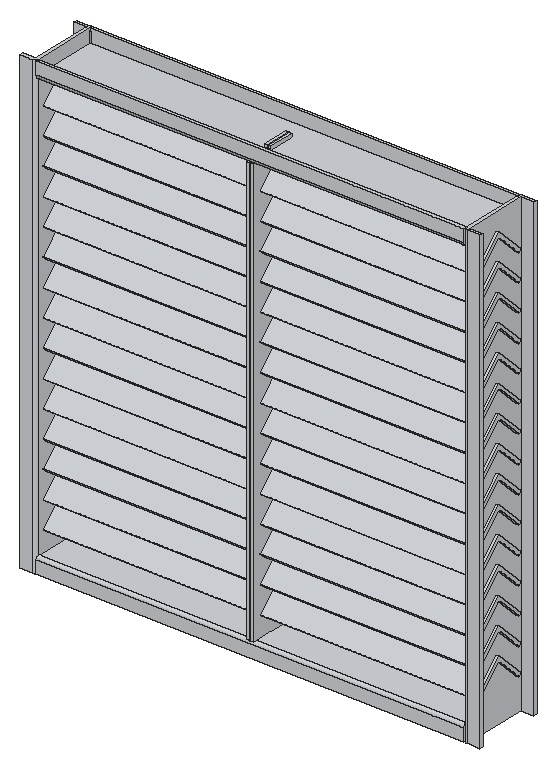
Revit family "FEMA-5", category Mechanical Equipment, Revit 2015
Parameters
  URL = "http://unitedenertech.com/catalog/pdf/A_20%20FEMA-5.pdf"
  Type Comments = "Max. Single Section Size is (84\"w x 96\"h)"
  Model = "FEMA-5"
  Manufacturer = "United Enertech Corporation"
  Keynote = "Note: Blade Braces Set to Visibility Parameters, Correct Number Will Appear when Loaded into Project."
  Exact Width = 3' - 0"
  Exact Height = 3' - 0"
  Description = "5\" Deep Aluminum FEMA Grille"
  Brace Visisbility (3) [instance] = if(Exact Width > 5' 11 115/128", 2 > 1, 1 > 2)  # no
  Brace Visibility (2) [instance] = if(and(Exact Width > 3' 11 115/128", Exact Width < 5' 11 115/128"), 2 > 1, 1 > 2)  # no
  Brace Visibility (1) [instance] = if(and(Exact Width > 1' 11 115/128", Exact Width < 3' 11 115/128"), 2 > 1, 1 > 2)  # yes
  Brace Height [instance] = Exact Height - 0' 1 1/2"  # 2' - 10 1/2"
  Blade Spacing = 0' - 2 1/8"
  Blade Number [instance] = rounddown((Exact Height - 0' 2 1/2") / 0' 2 1/8")  # 15
  BW [instance] = Exact Width - 0' 1 1/2"  # 2' - 10 1/2"
Reference planes (in)
  plane 1 "Center (Front/Back)": y = 0
  plane 2: z = 0
  plane 3 "Center (Left/Right)": x = 0
  plane 4: x = -18
  plane 5: x = 18
  plane 6: z = 36
  plane 7: x = -16.75
  plane 8: x = 16.75
  plane 9: z = 34.75
  plane 10: z = 1.25
  plane 11: z = 34.30806
  plane 12: x = -17.25
  plane 13: x = 17.25
  plane 14: z = 0.75
  plane 15: z = 35.25
Forms (in)
  Extrusion 1, solid
    sketch origin (-36.69279, -52.79486, 0) x (0, -1, 0) y (1, 0, 0)
      loop
        line (-58.04486, 19.69279) -> (-53.04486, 19.69279) -> (-53.04486, 18.69279) -> (-52.79486, 18.69279) -> (-52.79486, 19.69279)
        arc (-52.79486, 19.69279) -> (-52.86809, 19.86957) -> (-53.04486, 19.94279) r 0.25
        line (-53.04486, 19.94279) -> (-58.04486, 19.94279)
        arc (-58.04486, 19.94279) -> (-58.22164, 19.86957) -> (-58.29486, 19.69279) r 0.25
        line (-58.29486, 19.69279) -> (-58.29486, 18.69279) -> (-58.04486, 18.69279) -> (-58.04486, 19.69279)
    from 0 to 36
  Extrusion 2, solid
    sketch origin (-32.86847, -52.79486, -18.69279) x (0, -1, 0) y (0, 0, 1)
      loop
        line (-58.04486, 19.69279) -> (-53.04486, 19.69279) -> (-53.04486, 18.69279) -> (-52.79486, 18.69279) -> (-52.79486, 19.69279)
        arc (-52.79486, 19.69279) -> (-52.86809, 19.86957) -> (-53.04486, 19.94279) r 0.25
        line (-53.04486, 19.94279) -> (-58.04486, 19.94279)
        arc (-58.04486, 19.94279) -> (-58.22164, 19.86957) -> (-58.29486, 19.69279) r 0.25
        line (-58.29486, 19.69279) -> (-58.29486, 18.69279) -> (-58.04486, 18.69279) -> (-58.04486, 19.69279)
    from -49.61847 to -16.11847
  Extrusion 3, solid
    sketch origin (36.69279, -52.79486, 0) x (0, -1, 0) y (1, 0, 0)
      loop
        line (-58.04486, -19.69279) -> (-58.04486, -18.69279) -> (-58.29486, -18.69279) -> (-58.29486, -19.69279)
        arc (-58.29486, -19.69279) -> (-58.22164, -19.86957) -> (-58.04486, -19.94279) r 0.25
        line (-58.04486, -19.94279) -> (-53.04486, -19.94279)
        arc (-53.04486, -19.94279) -> (-52.86809, -19.86957) -> (-52.79486, -19.69279) r 0.25
        line (-52.79486, -19.69279) -> (-52.79486, -18.69279) -> (-53.04486, -18.69279) -> (-53.04486, -19.69279) -> (-58.04486, -19.69279)
    from 0 to 36
  Extrusion 4, solid
    sketch origin (-61.54486, -52.79486, 48.69279) x (0, -1, 0) y (0, 0, -1)
      loop
        line (-58.29486, 12.69279) -> (-58.04486, 12.69279) -> (-58.04486, 13.69279) -> (-53.04486, 13.69279) -> (-53.04486, 12.69279) -> (-52.79486, 12.69279) -> (-52.79486, 13.69279)
        arc (-52.79486, 13.69279) -> (-52.86809, 13.86957) -> (-53.04486, 13.94279) r 0.25
        line (-53.04486, 13.94279) -> (-58.04486, 13.94279)
        arc (-58.04486, 13.94279) -> (-58.22164, 13.86957) -> (-58.29486, 13.69279) r 0.25
        line (-58.29486, 13.69279) -> (-58.29486, 12.69279)
    from 44.79486 to 78.29486
Dimensions and locks (in)
  equal spacing: plane 4, plane 3 "Center (Left/Right)", plane 5
  "Exact Width": plane 4 to plane 5
  "Exact Height": plane 6 to level
  locked: plane 4 to plane 7 at 1.25
  locked: plane 8 to plane 5 at 1.25
  plane 6 to plane 9 = 0' - 1 1/4"
  plane 10 to level = 0' - 1 1/4"
  locked: plane 9 to plane 11 at 0.44194
  equal spacing: group 1, group 2, group 3, group 4, group 5, group 6, group 7, group 8, group 9, group 10, group 11, group 12, group 13, group 14, group 15  (x2)
  equal spacing: group 15, group 14, group 13, group 12, group 11, group 10, group 9, group 8, group 7, group 6, group 5, group 4, group 3, group 2, group 1
  "Blade Spacing": nested 2 to nested 1
  locked: plane 4 to plane 12 at 0.75
  locked: plane 13 to plane 5 at 0.75
  locked: level to plane 14 at 0.75
  locked: plane 15 to plane 6 at 0.75
  aligned and locked: level to plane 2
  aligned and locked: plane 8 to Extrusion 2
  aligned and locked: Extrusion 2 to plane 7
  aligned and locked: plane 6 to Extrusion 3
  aligned and locked: plane 6 to Extrusion 1
  aligned and locked: plane 6 to Extrusion 4
  aligned and locked: plane 8 to Extrusion 4
  aligned and locked: Extrusion 4 to plane 7
  aligned and locked: plane 3 "Center (Left/Right)" to nested 1
  aligned and locked: nested 1 to plane 11
  aligned and locked: plane 14 to nested 11
  aligned and locked: plane 3 "Center (Left/Right)" to nested 11
Automatic sketch dimensions
  Extrusion 1 sketch curve to plane 4 = 0' - 0"  (x2)
  plane 1 "Center (Front/Back)" to Extrusion 1 sketch curve = 0' - 0"
  Extrusion 1 sketch curve to plane 1 "Center (Front/Back)" = 0' - 0 1/4"
  Extrusion 1 sketch curve to Extrusion 1 sketch curve = 0' - 0"  (x3)
  Extrusion 1 sketch curve to plane 4 = 0' - 1 1/4"
  Extrusion 1 sketch curve to Extrusion 1 sketch curve = 0' - 5"
  Extrusion 1 sketch curve to Extrusion 1 sketch curve = 0' - 0 1/4"
  Extrusion 2 sketch curve to level = 0' - 0"  (x2)
  Extrusion 2 sketch curve to plane 1 "Center (Front/Back)" = 0' - 0"
  Extrusion 2 sketch curve to plane 1 "Center (Front/Back)" = 0' - 0 1/4"
  Extrusion 2 sketch curve to Extrusion 2 sketch curve = 0' - 0"  (x3)
  level to Extrusion 2 sketch curve = 0' - 1 1/4"
  Extrusion 2 sketch curve to Extrusion 2 sketch curve = 0' - 5"
  Extrusion 2 sketch curve to Extrusion 2 sketch curve = 0' - 0 1/4"
  Extrusion 3 sketch curve to plane 5 = 0' - 0"  (x2)
  plane 1 "Center (Front/Back)" to Extrusion 3 sketch curve = 0' - 0"
  Extrusion 3 sketch curve to Extrusion 3 sketch curve = 0' - 0 1/4"  (x2)
  Extrusion 3 sketch curve to Extrusion 3 sketch curve = 0' - 0"  (x3)
  plane 5 to Extrusion 3 sketch curve = 0' - 1 1/4"
  Extrusion 3 sketch curve to Extrusion 3 sketch curve = 0' - 5"
  level to Extrusion 4 sketch curve = 3' - 0"
  Extrusion 4 sketch curve to plane 1 "Center (Front/Back)" = 0' - 5 1/2"
  Extrusion 4 sketch curve to Extrusion 4 sketch curve = 0' - 0 1/4"  (x2)
  Extrusion 4 sketch curve to Extrusion 4 sketch curve = 0' - 0"  (x4)
  Extrusion 4 sketch curve to Extrusion 4 sketch curve = 0' - 5"
  Extrusion 4 sketch curve to Extrusion 4 sketch curve = 0' - 1"
Nested families (in)
  nested 1: "FEMURBLADE" at (0, 0.32962, 27.60095), type "FEMURBLADE"
    with Blade Width 2' - 10 1/2"
  nested 2: "FEMURBLADE" at (0, 0.32962, 25.47595), type "FEMURBLADE"
    with Blade Width 2' - 10 1/2"
  nested 3: "FEMURBLADE" at (0, 0.32962, 23.35095), type "FEMURBLADE"
    with Blade Width 2' - 10 1/2"
  nested 4: "FEMURBLADE" at (0, 0.32962, 21.22595), type "FEMURBLADE"
    with Blade Width 2' - 10 1/2"
  nested 5: "FEMURBLADE" at (0, 0.32962, 19.10095), type "FEMURBLADE"
    with Blade Width 2' - 10 1/2"
  nested 6: "FEMURBLADE" at (0, 0.32962, 16.97595), type "FEMURBLADE"
    with Blade Width 2' - 10 1/2"
  nested 7: "FEMURBLADE" at (0, 0.32962, 14.85095), type "FEMURBLADE"
    with Blade Width 2' - 10 1/2"
  nested 8: "FEMURBLADE" at (0, 0.32962, 12.72595), type "FEMURBLADE"
    with Blade Width 2' - 10 1/2"
  nested 9: "FEMURBLADE" at (0, 0.32962, 10.60095), type "FEMURBLADE"
    with Blade Width 2' - 10 1/2"
  nested 10: "FEMURBLADE" at (0, 0.32962, 8.47595), type "FEMURBLADE"
    with Blade Width 2' - 10 1/2"
  nested 11: "FEMABRACE" at (0, 5.5, 0.75), visible <- "Brace Visibility (1)", type "FEMABRACE"
    with Brace Height 2' - 10 1/2"
  nested 12: "FEMURBLADE" at (0, 0.32962, 6.35095), type "FEMURBLADE"
    with Blade Width 2' - 10 1/2"
  nested 13: "FEMURBLADE" at (0, 0.32962, 4.22595), type "FEMURBLADE"
    with Blade Width 2' - 10 1/2"
  nested 14: "FEMURBLADE" at (0, 0.32962, 2.10095), type "FEMURBLADE"
    with Blade Width 2' - 10 1/2"
  nested 15: "FEMURBLADE" at (0, 0.32962, -0.02405), type "FEMURBLADE"
    with Blade Width 2' - 10 1/2"
  nested 16: "FEMURBLADE" at (0, 0.32962, -2.14905), type "FEMURBLADE"
    with Blade Width 2' - 10 1/2"
  nested 17: "FEMABRACE" at (-12, 5.5, 0.75), visible <- "Brace Visibility (2)", type "FEMABRACE"
    with Brace Height 2' - 10 1/2"
  nested 18: "FEMABRACE" at (12, 5.5, 0.75), visible <- "Brace Visibility (2)", type "FEMABRACE"
    with Brace Height 2' - 10 1/2"
  nested 19: "FEMABRACE" at (0, 5.5, 0.75), visible <- "Brace Visisbility (3)", type "FEMABRACE"
    with Brace Height 2' - 10 1/2"
  nested 20: "FEMABRACE" at (24, 5.5, 0.75), visible <- "Brace Visisbility (3)", type "FEMABRACE"
    with Brace Height 2' - 10 1/2"
  nested 21: "FEMABRACE" at (-24, 5.5, 0.75), visible <- "Brace Visisbility (3)", type "FEMABRACE"
    with Brace Height 2' - 10 1/2"
Definition of nested family "FEMURBLADE"
  Parameters (values of type "FEMURBLADE")
    Blade Width = 1' - 0"
  Reference planes (in)
    plane 1 "Center (Front/Back)": y = 0
    plane 2: z = 0
    plane 3 "Center (Left/Right)": x = 0
    plane 4: x = -6
    plane 5: x = 6
  Forms (in)
    Extrusion 1, solid
      sketch origin (-5.80963, 2.23001, 3.57962) x (0, 1, 0) y (0, 0, 1)
        loop
          line (-1.93095, 1.44811) -> (-1.75417, 1.27133) -> (0.01359, 3.0391) -> (0.10198, 3.12749) -> (0.27876, 3.12749) -> (0.36715, 3.0391) -> (2.13491, 1.27133) -> (2.31169, 1.44811) -> (0.19037, 3.56943) -> (-1.93095, 1.44811)
      from -0.19037 to 11.80963
  Dimensions and locks (in)
    equal spacing: plane 4, plane 3 "Center (Left/Right)", plane 5
    "Blade Width": plane 4 to plane 5
    aligned and locked: level to plane 2
    aligned and locked: plane 5 to Extrusion 1
    aligned and locked: plane 4 to Extrusion 1
  Automatic sketch dimensions
    Extrusion 1 sketch curve to plane 1 "Center (Front/Back)" = 0' - 0.29906"
    Extrusion 1 sketch curve to Extrusion 1 sketch curve = 0' - 0.17678"  (x3)
    Extrusion 1 sketch curve to plane 1 "Center (Front/Back)" = 0' - 2.2436"
    Extrusion 1 sketch curve to Extrusion 1 sketch curve = 0' - 0.08839"  (x4)
    Extrusion 1 sketch curve to Extrusion 1 sketch curve = 0' - 1.76777"
    level to Extrusion 1 sketch curve = 0' - 4.85095"
    Extrusion 1 sketch curve to Extrusion 1 sketch curve = 0' - 0"
Definition of nested family "FEMABRACE"
  Parameters (values of type "FEMABRACE")
    Brace Height = 3' - 0"
  Reference planes (in)
    plane 1 "Center (Front/Back)": y = 0
    plane 2: z = 0
    plane 3 "Center (Left/Right)": x = 0
    plane 4: z = 36
    plane 5: z = 35.5
  Forms (in)
    Extrusion 1, solid
      sketch origin (0.01495, -1.92874, 0) x (1, 0, 0) y (0, 1, 0)
        loop
          line (-1.26495, 1.92874) -> (-1.26495, 1.67874) -> (-0.26495, 1.67874) -> (-0.26495, -3.57126) -> (-0.01495, -3.57126) -> (-0.01495, 1.67874)
          arc (-0.01495, 1.67874) -> (-0.08817, 1.85551) -> (-0.26495, 1.92874) r 0.25
          line (-0.26495, 1.92874) -> (-1.26495, 1.92874)
      from 0 to 36
    Extrusion 2, solid
      sketch origin (-0.01495, -1.92874, 0) x (-1, 0, 0) y (0, -1, 0)
        loop
          line (-1.26495, -1.92874) -> (-0.26495, -1.92874)
          arc (-0.26495, -1.92874) -> (-0.08817, -1.85551) -> (-0.01495, -1.67874) r 0.25
          line (-0.01495, -1.67874) -> (-0.01495, 3.57126) -> (-0.26495, 3.57126) -> (-0.26495, -1.67874) -> (-1.26495, -1.67874) -> (-1.26495, -1.92874)
      from 0 to 36
    Extrusion 3, void
      sketch origin (5.69204, 1.48943, 0) x (1, 0, 0) y (0, 1, 0)
        loop
          line (-4.56704, -6.98943) -> (-4.56704, -5.23943) -> (-6.81704, -5.23943) -> (-6.81704, -6.98943) -> (-4.56704, -6.98943)
      from 0 to 0.5
    Extrusion 4, void
      sketch origin (12.75, 5.62586, 0) x (1, 0, 0) y (0, 1, 0)
        loop
          line (-10.59915, -7.37586) -> (-10.59915, -5.62586) -> (-15.09915, -5.62586) -> (-15.09915, -7.37586) -> (-10.59915, -7.37586)
      from 0 to 0.5
    Extrusion 5, void
      sketch origin (10.50479, 1.61825, 0) x (1, 0, 0) y (0, 1, 0)
        loop
          line (-12.00479, -7.11825) -> (-9.00479, -7.11825) -> (-9.00479, -5.36825) -> (-12.00479, -5.36825) -> (-12.00479, -7.11825)
      from 35.5 to 36
    Extrusion 6, void
      sketch origin (11.26328, 5.12195, 0) x (1, 0, 0) y (0, 1, 0)
        loop
          line (-8.51328, -6.87195) -> (-8.51328, -5.12195) -> (-14.01328, -5.12195) -> (-14.01328, -6.87195) -> (-8.51328, -6.87195)
      from 35.5 to 36
    Extrusion 7, void
      sketch origin (5.66317, -0.27339, 0) x (1, 0, 0) y (0, 1, 0)
        loop
          line (-4.78817, -5.22661) -> (-4.78817, -3.47661) -> (-6.53817, -3.47661) -> (-6.53817, -5.22661) -> (-4.78817, -5.22661)
      from 0 to 0.5
    Extrusion 8, void
      sketch origin (11.97374, 3.74164, 0) x (1, 0, 0) y (0, 1, 0)
        loop
          line (-9.9162, -5.49164) -> (-9.9162, -3.74164) -> (-14.1662, -3.74164) -> (-14.1662, -5.49164) -> (-9.9162, -5.49164)
      from 0 to 0.5
    Extrusion 9, void
      sketch origin (6.30375, 1.05407, 0) x (1, 0, 0) y (0, 1, 0)
        loop
          line (-4.80375, -6.55407) -> (-4.80375, -4.80407) -> (-7.80375, -4.80407) -> (-7.80375, -6.55407) -> (-4.80375, -6.55407)
      from 35.5 to 36
    Extrusion 10, void
      sketch origin (5.5, 4.50035, 0) x (1, 0, 0) y (0, 1, 0)
        loop
          line (-3.57917, -6.25035) -> (-3.57917, -4.50035) -> (-7.32917, -4.50035) -> (-7.32917, -6.25035) -> (-3.57917, -6.25035)
      from 35.5 to 36
  Cuts and joins
    Extrusion 3, Extrusion 4, Extrusion 6, Extrusion 9 cuts Extrusion 1
    Extrusion 5, Extrusion 7, Extrusion 8, Extrusion 10 cuts Extrusion 2
  Dimensions and locks (in)
    "Brace Height": plane 4 to level
    locked: plane 4 to plane 5 at 0.5
    aligned and locked: level to plane 2
    aligned and locked: plane 4 to Extrusion 1
    aligned and locked: plane 4 to Extrusion 2
    aligned and locked: Extrusion 1 to level
    aligned and locked: Extrusion 2 to level
    aligned and locked: Extrusion 3 to level
    aligned and locked: Extrusion 4 to level
    aligned and locked: plane 4 to Extrusion 5
    aligned and locked: Extrusion 5 to plane 5
    aligned and locked: plane 4 to Extrusion 6
    aligned and locked: Extrusion 6 to plane 5
    aligned and locked: Extrusion 7 to level
    aligned and locked: Extrusion 8 to level
    aligned and locked: plane 4 to Extrusion 9
    aligned and locked: Extrusion 9 to plane 5
    aligned and locked: plane 4 to Extrusion 10
    aligned and locked: Extrusion 10 to plane 5
  Automatic sketch dimensions
    plane 1 "Center (Front/Back)" to Extrusion 1 sketch curve = 0' - 0"
    Extrusion 1 sketch curve to plane 3 "Center (Left/Right)" = 0' - 0"
    Extrusion 1 sketch curve to plane 3 "Center (Left/Right)" = 0' - 0 1/4"
    Extrusion 1 sketch curve to Extrusion 1 sketch curve = 0' - 0"
    Extrusion 1 sketch curve to Extrusion 1 sketch curve = 0' - 1"
    Extrusion 1 sketch curve to Extrusion 1 sketch curve = 0' - 0 1/4"
    Extrusion 1 sketch curve to Extrusion 1 sketch curve = 0' - 5 1/4"
    plane 1 "Center (Front/Back)" to Extrusion 2 sketch curve = 0' - 0"
    Extrusion 2 sketch curve to plane 3 "Center (Left/Right)" = 0' - 0"
    Extrusion 2 sketch curve to plane 3 "Center (Left/Right)" = 0' - 0 1/4"
    Extrusion 2 sketch curve to Extrusion 2 sketch curve = 0' - 0"
    Extrusion 2 sketch curve to Extrusion 2 sketch curve = 0' - 1"
    Extrusion 2 sketch curve to Extrusion 2 sketch curve = 0' - 0 1/4"
    Extrusion 2 sketch curve to Extrusion 2 sketch curve = 0' - 5 1/4"
    Extrusion 3 sketch curve to plane 3 "Center (Left/Right)" = 0' - 1 1/8"
    Extrusion 3 sketch curve to Extrusion 3 sketch curve = 0' - 2 1/4"
    plane 1 "Center (Front/Back)" to Extrusion 3 sketch curve = 0' - 3 3/4"
    Extrusion 3 sketch curve to Extrusion 3 sketch curve = 0' - 1 3/4"
    plane 1 "Center (Front/Back)" to Extrusion 4 sketch curve = 0' - 0"
    Extrusion 4 sketch curve to plane 3 "Center (Left/Right)" = 0' - 2.34915"
    Extrusion 4 sketch curve to Extrusion 4 sketch curve = 0' - 4 1/2"
    Extrusion 4 sketch curve to Extrusion 4 sketch curve = 0' - 1 3/4"
    plane 1 "Center (Front/Back)" to Extrusion 5 sketch curve = 0' - 3 3/4"
    Extrusion 5 sketch curve to plane 3 "Center (Left/Right)" = 0' - 1 1/2"
    Extrusion 5 sketch curve to Extrusion 5 sketch curve = 0' - 3"
    Extrusion 5 sketch curve to Extrusion 5 sketch curve = 0' - 1 3/4"
    plane 1 "Center (Front/Back)" to Extrusion 6 sketch curve = 0' - 0"
    Extrusion 6 sketch curve to plane 3 "Center (Left/Right)" = 0' - 2 3/4"
    Extrusion 6 sketch curve to Extrusion 6 sketch curve = 0' - 5 1/2"
    Extrusion 6 sketch curve to Extrusion 6 sketch curve = 0' - 1 3/4"
    Extrusion 7 sketch curve to plane 3 "Center (Left/Right)" = 0' - 0 7/8"
    Extrusion 7 sketch curve to Extrusion 7 sketch curve = 0' - 1 3/4"  (x2)
    plane 1 "Center (Front/Back)" to Extrusion 7 sketch curve = 0' - 3 3/4"
    plane 1 "Center (Front/Back)" to Extrusion 8 sketch curve = 0' - 0"
    Extrusion 8 sketch curve to plane 3 "Center (Left/Right)" = 0' - 2.19246"
    Extrusion 8 sketch curve to Extrusion 8 sketch curve = 0' - 4 1/4"
    Extrusion 8 sketch curve to Extrusion 8 sketch curve = 0' - 1 3/4"
    Extrusion 9 sketch curve to plane 3 "Center (Left/Right)" = 0' - 1 1/2"
    Extrusion 9 sketch curve to Extrusion 9 sketch curve = 0' - 3"
    plane 1 "Center (Front/Back)" to Extrusion 9 sketch curve = 0' - 3 3/4"
    Extrusion 9 sketch curve to Extrusion 9 sketch curve = 0' - 1 3/4"
    Extrusion 10 sketch curve to plane 3 "Center (Left/Right)" = 0' - 1.82917"
    plane 3 "Center (Left/Right)" to Extrusion 10 sketch curve = 0' - 1.92083"
    plane 1 "Center (Front/Back)" to Extrusion 10 sketch curve = 0' - 0"
    Extrusion 10 sketch curve to Extrusion 10 sketch curve = 0' - 1 3/4"
